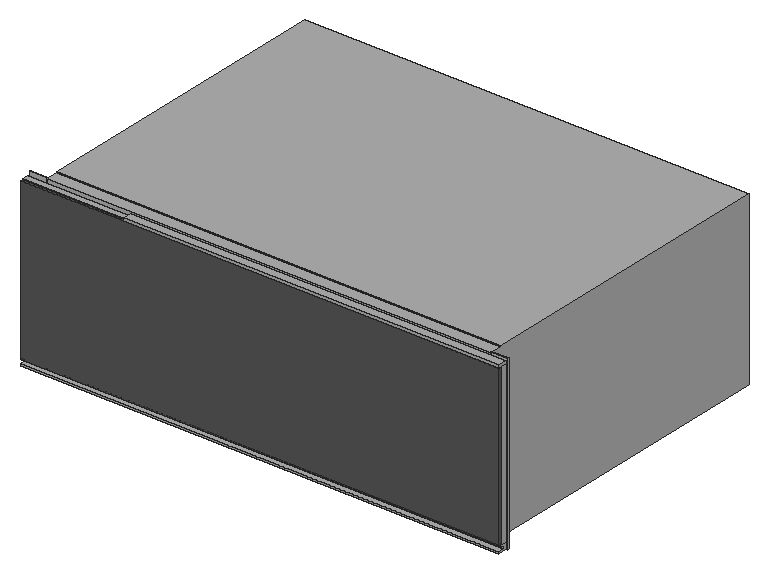
Revit family "FP-Revit20-en-WB30SDB1-WarmingDrawer-0-9000XXXX-US-CA", category Generic Models, Revit 2020
Family settings
  Can host rebar = No
  Round Connector Dimension = Use Diameter
  Part Type = Normal
  Work Plane-Based = No
  Always vertical = Yes
  Cut with Voids When Loaded = No
  Shared = No
  Room Calculation Point = No
Parameters (values of type "WB30SDB1")
  URL = "www.fisherpaykel.com"
  Product - Overall width = 760 mm  # constant formula
  Product - Overall Height = 271 mm  # constant formula
  Overall Depth - (Including front panel & power plug) = 567 mm  # constant formula
  Model = "WB30SDB1"
  Manufacturer = "Fisher & Paykel Appliances"
  Material - Glass = Fisher & Paykel - Glass, Black
  Description = "Warming Drawer, 30\""
  Default Elevation = 0 mm
  Connector note electrical = "120 v, 60 Hz, 10 A"
  Chassis - width = 704 mm  # constant formula
  Chassis - Depth (including power plug, excluding flange) = 547 mm  # constant formula
  Chassis - Depth = 546 mm  # constant formula
  Material - Chassis = Fisher & Paykel - Aluminium
  Cavity - Minimum width = 724 mm  # constant formula
  Cavity - Minimum Height = 273 mm  # constant formula
  Cavity - Minimum Depth = 580 mm  # constant formula
Types (3, lengths in mm): name | Model | Material - Glass
  (no name) | "WB30SDB1" | Fisher & Paykel - Glass, Black
  WB30SDB1 | "WB30SDB1" | Fisher & Paykel - Glass, Black
  WB30SDX1 | "WB30SDX1" | Fisher & Paykel - Stainless Steel
Reference planes
  plane 1 "Center (Front/Back)": y = 0
  plane 2: z = 0
  plane 3 "Center (Left/Right)": x = 0
  plane 4 "Chassis LHS": x = -352
  plane 5 "Chassis RHS": x = 352
  plane 6 "Chassis Depth": y = 547
  plane 7 "Cavity LHS": x = -362
  plane 8 "Cavity RHS": x = 362
  plane 9 "Cavity Depth": y = 580
  plane 10 "Cavity Height": z = 273
  plane 11 "Product Height": z = 271
  plane 12: x = -380
  plane 13: x = 380
  plane 14: y = 510
  plane 15: y = -433.9
  plane 16: y = -444.9
  plane 17: y = -19.9
Forms (mm)
  Extrusion 1, solid, material "Fisher & Paykel - Aluminium" <- "Material - Chassis"
    sketch origin (352, 0, 0) x (0, -1, 0) y (0, 0, 1)
      loop
        line (2, 270) -> (-18, 270) -> (-18, 271) -> (-510, 271) -> (-510, 0) -> (2, 0) -> (2, 270)
    from 0 to 704
  Extrusion 2, solid, material "Fisher & Paykel - Aluminium" <- "Material - Chassis"
    sketch origin (0, 0, 0) x (1, 0, 0) y (0, 1, 0)
      loop
        line (352, 0) -> (352, -2) -> (380, -2) -> (380, 0) -> (352, 0)
      loop
        line (-352, 0) -> (-380, 0) -> (-380, -2) -> (-352, -2) -> (-352, 0)
    from 0 to 271
  Extrusion 3, solid, material "Fisher & Paykel - Aluminium" <- "Material - Chassis"
    sketch origin (380, -1524, 425.869) x (0, 0, 1) y (0, 1, 0)
      loop
        line (-414.269, 1518) -> (-414.269, 1508.1) -> (-159.869, 1508.1) -> (-159.869, 1518) -> (-414.269, 1518)
    from 0.5 to 760
  Extrusion 4, solid, material "Fisher & Paykel - Aluminium" <- "Material - Chassis"
    sketch origin (380, -1524, 425.869) x (0, 0, 1) y (0, 1, 0)
      loop
        line (-155.869, 1504) -> (-155.869, 1518) -> (-159.869, 1518) -> (-159.869, 1504) -> (-155.869, 1504)
    from 0 to 596
  Extrusion 5, solid, material "Fisher & Paykel - Aluminium" <- "Material - Chassis"
    sketch origin (380, -1524, 425.869) x (0, 0, 1) y (0, 1, 0)
      loop
        line (-417.269, 1509.4) -> (-414.269, 1505.774) -> (-414.269, 1518) -> (-423.869, 1518) -> (-423.869, 1504.1) -> (-420.869, 1504.1) -> (-420.869, 1513) -> (-417.269, 1513) -> (-417.269, 1509.4)
    from 0 to 760
  Extrusion 6, solid, material "Fisher & Paykel - Glass, Black" <- "Material - Glass"
    sketch origin (0, 0, 0) x (1, 0, 0) y (0, 0, 1)
      loop
        line (378, 11.6) -> (380, 13.6) -> (380, 264.6) -> (378.6, 266) -> (0, 266) -> (-378.6, 266) -> (-380, 264.6) -> (-380, 13.6) -> (-378, 11.6) -> (0, 11.6) -> (378, 11.6)
    from 15.9 to 19.9
  Extrusion 7, solid
    sketch origin (-40, 510, 1200) x (1, 0, 0) y (0, 0, 1)
      loop
        line (322.5, -960) -> (297.5, -960) -> (297.5, -979) -> (322.5, -979) -> (322.5, -960)
    from -37 to 0
  Extrusion 8, solid
    sketch origin (257.5, 510, 240) x (0, 0, -1) y (0, -1, 0)
      loop
        circle (9.5, -28) r 7.931
    from 0 to 40
  Extrusion 9, void
    sketch origin (0, 0, 0) x (1, 0, 0) y (0, 1, 0)
      loop
        line (362, 580) -> (-362, 580) -> (-362, 0) -> (362, 0) -> (362, 580)
    from 0 to 273
  Extrusion 10, void
    sketch origin (0, 0, 0) x (1, 0, 0) y (0, 0, 1)
      loop
        line (-338.5, 5) -> (338.5, 5) -> (338.5, 250) -> (-338.5, 250) -> (-338.5, 5)
    from -2.075 to 2
  Extrusion 11, solid, material "Fisher & Paykel - Aluminium" <- "Material - Chassis"
    sketch origin (0, 0, 0) x (1, 0, 0) y (0, 0, 1)
      loop
        line (339.5, 5) -> (339.5, 251) -> (-339.5, 251) -> (-339.5, 5) -> (339.5, 5)
    from 2 to 6
  Extrusion 12, solid, material "Fisher & Paykel - Clearance Required (Non-Combustible)", detail levels coarse
    sketch origin (0, 0, 0) x (1, 0, 0) y (0, 1, 0)
      loop
        line (-380, -20) -> (-380, -444.9) -> (380, -444.9) -> (380, -20) -> (-380, -20)
    from 2 to 270
Cuts and joins
  Extrusion 10 cuts Extrusion 1
  Extrusion 10 cuts Extrusion 3
  Extrusion 10 cuts Extrusion 5
  Extrusion 10 cuts Extrusion 6
Dimensions and locks
  equal spacing: plane 4 "Chassis LHS", plane 3 "Center (Left/Right)", plane 5 "Chassis RHS"
  "Chassis - width": plane 4 "Chassis LHS" to plane 5 "Chassis RHS"
  "Cavity - Minimum width": plane 7 "Cavity LHS" to plane 8 "Cavity RHS"
  "Cavity - Minimum Depth": plane 9 "Cavity Depth" to plane 1 "Center (Front/Back)"
  "Cavity - Minimum Height": plane 10 "Cavity Height" to level
  "Product - Overall Height": plane 11 "Product Height" to level
  equal spacing: plane 13, plane 3 "Center (Left/Right)", plane 12
  "Product - Overall width": plane 12 to plane 13
  "Chassis - Depth (including power plug, excluding flange)": plane 1 "Center (Front/Back)" to plane 6 "Chassis Depth"
  locked: Extrusion 1 to Extrusion 7 at 37
  locked: Extrusion 7 to Extrusion 7 at 19
  locked: Extrusion 8 to Extrusion 7 at 40
  plane 16 to plane 17 = 425 mm
  locked: cut or joined group of Extrusion 1, Extrusion 10 to plane 13 at 28
  locked: plane 12 to cut or joined group of Extrusion 1, Extrusion 10 at 28
  equal spacing: plane 7 "Cavity LHS", plane 3 "Center (Left/Right)", plane 8 "Cavity RHS", locked at 362 each
  "Overall Depth - (Including front panel & power plug)": plane 6 "Chassis Depth" to Extrusion 12
  aligned and locked: level to plane 2
  aligned and locked: plane 11 "Product Height" to Extrusion 1 sketch curve
  aligned and locked: level to Extrusion 1 sketch curve
  aligned and locked: plane 13 to Extrusion 2 sketch curve
  aligned and locked: plane 1 "Center (Front/Back)" to Extrusion 2 sketch curve
  aligned and locked: Extrusion 2 sketch curve to plane 5 "Chassis RHS"
  aligned and locked: Extrusion 6 sketch curve to plane 13
  aligned and locked: Extrusion 9 sketch curve to plane 9 "Cavity Depth"
  aligned and locked: Extrusion 9 sketch curve to plane 1 "Center (Front/Back)"
  aligned and locked: plane 10 "Cavity Height" to Extrusion 9
  aligned and locked: Extrusion 7 to Extrusion 1
  aligned and locked: Extrusion 8 to Extrusion 7
  aligned and locked: plane 14 to Extrusion 7
  aligned and locked: Extrusion 7 to plane 6 "Chassis Depth"
  aligned and locked: cut or joined group of Extrusion 5, Extrusion 10 to Extrusion 11 sketch curve
  aligned and locked: Extrusion 2 to Extrusion 11
  aligned and locked: Extrusion 11 to Extrusion 4
  aligned and locked: plane 8 "Cavity RHS" to Extrusion 9 sketch curve
  aligned and locked: Extrusion 9 sketch curve to plane 7 "Cavity LHS"
  aligned and locked: Extrusion 12 sketch curve to plane 12
  aligned and locked: Extrusion 12 sketch curve to Extrusion 4
  aligned and locked: plane 13 to Extrusion 12 sketch curve
  aligned and locked: Extrusion 4 to Extrusion 12
  aligned and locked: Extrusion 12 to cut or joined group of Extrusion 5, Extrusion 10
  aligned and locked: plane 4 "Chassis LHS" to Extrusion 1
  aligned and locked: plane 16 to Extrusion 12
  aligned and locked: plane 11 "Product Height" to Extrusion 2
Automatic sketch dimensions
  plane 1 "Center (Front/Back)" to Extrusion 1 sketch curve = 2 mm
  Extrusion 1 sketch curve to plane 11 "Product Height" = 1 mm
  Extrusion 1 sketch curve to plane 1 "Center (Front/Back)" = 18 mm
  plane 1 "Center (Front/Back)" to Extrusion 2 sketch curve = 0 mm
  Extrusion 2 sketch curve to plane 12 = 0 mm
  Extrusion 2 sketch curve to plane 4 "Chassis LHS" = 0 mm
  Extrusion 2 sketch curve to Extrusion 2 sketch curve = 2 mm
  Extrusion 3 sketch curve to plane 1 "Center (Front/Back)" = 6 mm
  Extrusion 6 sketch curve to plane 12 = 0 mm
  plane 12 to Extrusion 6 sketch curve = 1.4 mm
  plane 12 to Extrusion 6 sketch curve = 2 mm
  plane 3 "Center (Left/Right)" to Extrusion 6 sketch curve = 0 mm  (x2)
  plane 13 to Extrusion 6 sketch curve = 1.4 mm
  Extrusion 6 sketch curve to Extrusion 6 sketch curve = 2 mm  (x2)
  Extrusion 6 sketch curve to Extrusion 6 sketch curve = 1.4 mm  (x2)
  Extrusion 8 sketch curve to Extrusion 7 = 9.5 mm
  Extrusion 7 to Extrusion 8 sketch curve = 9 mm
  Extrusion 1 sketch curve to plane 14 = 0 mm
  plane 1 "Center (Front/Back)" to Extrusion 2 sketch curve = 2 mm
  Extrusion 3 sketch curve to level = 11.6 mm
  plane 11 "Product Height" to Extrusion 3 sketch curve = 5 mm
  Extrusion 3 sketch curve to Extrusion 3 sketch curve = 9.9 mm
  plane 11 "Product Height" to Extrusion 4 sketch curve = 5 mm
  plane 11 "Product Height" to Extrusion 4 sketch curve = 1 mm
  Extrusion 4 sketch curve to plane 1 "Center (Front/Back)" = 6 mm
  Extrusion 4 sketch curve to Extrusion 4 sketch curve = 14 mm
  Extrusion 5 sketch curve to level = 2 mm
  Extrusion 5 sketch curve to Extrusion 5 sketch curve = 3 mm  (x2)
  Extrusion 5 sketch curve to Extrusion 5 sketch curve = 3.6 mm  (x2)
  Extrusion 5 sketch curve to plane 1 "Center (Front/Back)" = 6 mm
  Extrusion 5 sketch curve to Extrusion 5 sketch curve = 5 mm
  Extrusion 5 sketch curve to Extrusion 5 sketch curve = 3.626 mm
  Extrusion 5 sketch curve to Extrusion 5 sketch curve = 5.3 mm
  plane 13 to Extrusion 6 sketch curve = 2 mm
  level to Extrusion 6 sketch curve = 11.6 mm
  Extrusion 6 sketch curve to plane 11 "Product Height" = 6.4 mm
  Extrusion 7 sketch curve to plane 11 "Product Height" = 31 mm
  plane 5 "Chassis RHS" to Extrusion 7 sketch curve = 94.5 mm
  Extrusion 7 sketch curve to Extrusion 7 sketch curve = 25 mm
  Extrusion 7 sketch curve to Extrusion 7 sketch curve = 19 mm
  Extrusion 10 sketch curve to plane 11 "Product Height" = 21 mm
  level to Extrusion 10 sketch curve = 5 mm
  Extrusion 10 sketch curve to plane 4 "Chassis LHS" = 13.5 mm
  plane 5 "Chassis RHS" to Extrusion 10 sketch curve = 13.5 mm
  plane 5 "Chassis RHS" to Extrusion 11 sketch curve = 12.5 mm
  Extrusion 11 sketch curve to plane 4 "Chassis LHS" = 12.5 mm
  Extrusion 11 sketch curve to plane 11 "Product Height" = 20 mm
  Extrusion 12 sketch curve to plane 15 = 11 mm
  radius of Extrusion 8 sketch curve = 7.931 mm
Connectors
  electrical at (217.5, 538, 230.5), driven by "Connector note electrical"
    settings: on Extrusion 8, index 1, voltage 0 V, apparent load 0 VA, apparent load phase1 0 VA, apparent load phase2 0 VA, apparent load phase3 0 VA, power factor 1, load classification "Other", number of poles 1, system type 31, power factor state 1, is connector primary yes, connector utility no, sub classification motor no, connector description "120 v, 60 Hz, 10 A"
